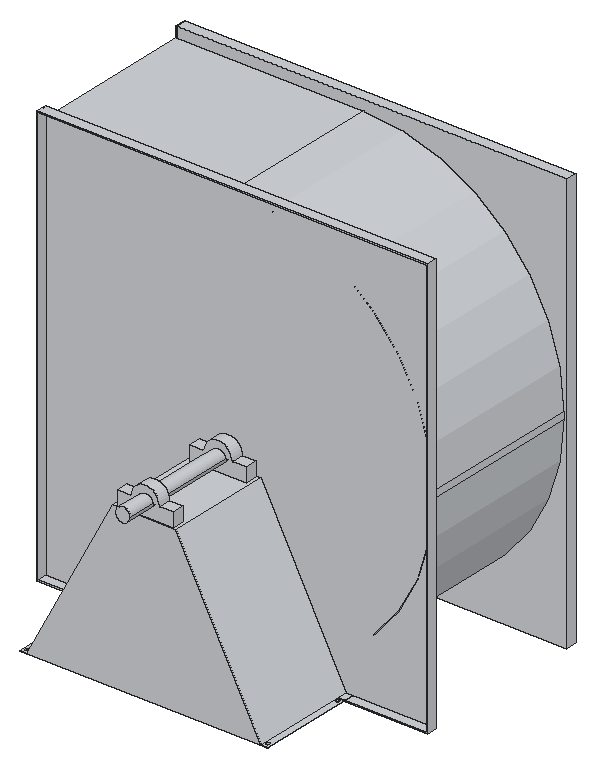
Revit family "CA-4_SWSI_ARR_1_CCW_THD", category Mechanical Equipment, Revit 2019
Family settings
  Round Connector Dimension = Use Radius
  Part Type = Normal
  Work Plane-Based = No
  Always vertical = Yes
  Cut with Voids When Loaded = No
  Shared = No
  Room Calculation Point = No
Parameters (values of type "600_CA-4_SWSI_ARR_1_CCW_THD_CLASS_3")
  S = 32"
  R = 49 5/16"
  P = 24 21/32"
  O/2 = O / 2  # 17/32"
  O = 1 1/16"
  ModelID [instance] = ""
  H = 51 5/8"
  Accessories [instance] = ""
  ARR_1_U-D = ARR_1_U - D  # 34 3/8"
  ARR_1_K-D = ARR_1_K - D  # 27"
  ARR_1_J/2 = ARR_1_J / 2  # 1 31/32"
  ARR_1_J = 3 15/16"
  MOTOR_RAD = ARR_1_J * 3  # 11 13/16"
  M = 66 11/16"
  L = 10"
  K = 56 11/16"
  J = 3"
  INLET_RAD/2 = INLET_RAD / 2  # 16 1/2"
  INLET_RAD+1.5" = INLET_RAD + 1 1/2"  # 34 1/2"
  INLET_RAD = INLET_DIA / 2  # 33"
  INLET_DIA = 66"
  G-H = G - H  # 58"
  G/5 = G / 5  # 21.925"
  G = 109 5/8"
  F = 118"
  Unit Weight [instance] = ""
  Sones [instance] = ""
  Motor RPM [instance] = ""
  Motor Enclosure [instance] = ""
  LwA [instance] = ""
  Fan RPM [instance] = ""
  E-(INLET_RAD+1.5") = E - (INLET_RAD + 1 1/2")  # 15 1/4"
  E+(INLET_RAD+1.5") = E + (INLET_RAD + 1 1/2")  # 84 1/4"
  E = 49 3/4"
  D-((D-B)/2) = D - ((D - B) / 2)  # 48 13/16"
  D = 51 13/16"
  B = 45 13/16"
  ARR_2_L-ARR_2_K = ARR_2_L - ARR_2_K  # 26 7/8"
  ARR_2_L = 34 3/8"
  ARR_2_K = 7 1/2"
  ARR_1_V = 7 1/2"
  ARR_1_U = 86 3/16"
  ARR_1_N = 24 9/16"
  ARR_1_M = 1 1/4"
  ARR_1_K = 78 13/16"
  ARR_1_H = 33 3/4"
  ARR_1_G = 34 3/4"
  A = 65 5/8"
  3" = 3"  # constant formula
  Brake Hp [instance] = ""
  4" = 4"  # constant formula
  2ARR_1_J+1" = ARR_1_J + ARR_1_J + 1"  # 8 7/8"
  2ARR_1_J = ARR_1_J + ARR_1_J  # 7 7/8"
  2' = 24"
  2" = 2"  # constant formula
  1" = 1"  # constant formula
  0 = 0"  # constant formula
  Voltage [instance] = 0 V
  URL = "www.lorencook.com"
  Type Comments = "Airfoil Centrifugal Blower Arrangement 1 Counter-Clockwise Top Horizontal Discharge"  # constant formula
  Static Pressure [instance] = 0.00 in-wg
  Power [instance] = Voltage * Motor FLA * sqrt(if(Phase = 3, 3, 1))  # 0 VA
  Phase [instance] = 0
  Number of Poles [instance] = 1
  Motor Hp [instance] = "0"
  Motor FLA [instance] = 0 A
  Model = "CA-4 SWSI ARR 1 CCW THD CLASS 3"
  Manufacturer = "Loren Cook Company"
  CFM [instance] = 0 CFM
  1.5 = 1 1/2"  # constant formula
  ONE EIGTH = 1/8"  # constant formula
  -ARR_1_J = -ARR_1_J  # -3 15/16"
  -(ARR_2_L - ARR_2_K) = -(ARR_2_L - ARR_2_K)  # -26 7/8"
  -(((K-B)/2)-.125") = -(((K - B) / 2) - 1/8")  # -5 5/16"
  -(((D - B) / 2) - 1/8") = -(((D - B) / 2) - 1/8")  # -2 7/8"
  (R-B)/2 = (R - B) / 2  # 1 3/4"
  ((K-B)/2)+B = ((K - B) / 2) + B  # 51 1/4"
  (D-B)/2 = (D - B) / 2  # 3"
  -(((K-B)/2)+L) = -(((K - B) / 2) + L)  # -15 7/16"
  ((D-B)/2)-.125" = ((D - B) / 2) - 1/8"  # 2 7/8"
Reference planes (in)
  plane 1 "Center (Front/Back)": y = 0
  plane 2: z = 0
  plane 3 "Center (Left/Right)": x = 0.40541
Forms (in)
  Extrusion 1, solid
    sketch origin (0, 0, 0) x (1, 0, 0) y (0, 0, 1)
      loop
        line (-51.21959, 0) -> (58.40541, 0) -> (58.40541, 118) -> (-51.21959, 118) -> (-51.21959, 0)
    from 0 to 3 <- "(D-B)/2"
  Extrusion 2, solid
    sketch origin (0, 0, 0) x (1, 0, 0) y (0, 0, 1)
      loop
        line (-51.21959, 118) -> (-51.21959, 0) -> (58.40541, 0) -> (58.40541, 118) -> (-51.21959, 118)
    from 51.8125 <- "D" to 48.8125 <- "D-((D-B)/2)"
  Extrusion 3, void
    sketch origin (0, 0, 0) x (1, 0, 0) y (0, 0, 1)
      loop
        line (-51.09459, 117.875) -> (-51.09459, 0.125) -> (58.28041, 0.125) -> (58.28041, 117.875) -> (-51.09459, 117.875)
    from 0 to 2.875 <- "((D-B)/2)-.125""
  Extrusion 4, void
    sketch origin (0, -51.8125, 0) x (-1, 0, 0) y (0, 0, 1)
      loop
        line (51.09459, 117.875) -> (-58.28041, 117.875) -> (-58.28041, 0.125) -> (51.09459, 0.125) -> (51.09459, 117.875)
    from 0 to 2.875 <- "((D-B)/2)-.125""
  Extrusion 5, solid
    sketch origin (0, -3, 0) x (1, 0, 0) y (0, 0, 1)
      loop
        line (-43.34459, 49.375) -> (-43.34459, 41.5)
        arc (-43.34459, 41.5) -> (-31.48241, 12.86218) -> (-2.84459, 1) r 40.5
        line (-2.84459, 1) -> (1.40541, 1)
        arc (1.40541, 1) -> (41.00339, 17.40202) -> (57.40541, 57) r 56
        line (57.40541, 57) -> (57.40541, 59)
        arc (57.40541, 59) -> (41.00339, 98.59798) -> (1.40541, 115) r 56
        line (1.40541, 115) -> (-51.21959, 115) -> (-51.21959, 49.375) -> (-43.34459, 49.375)
    from 0 to 45.8125 <- "B"
  Extrusion 6, solid
    sketch origin (0, -51.8125, 0) x (1, 0, 0) y (0, 0, 1)
      loop
        circle (0.40541, 49.75) r 1.96875
    from -2.875 <- "-(((D - B) / 2) - 1/8")" to 34.375 <- "ARR_1_U-D"
  Extrusion 7, void
    sketch origin (0, 0, 0) x (1, 0, 0) y (0, 1, 0)
      loop
        circle (-31.59459, -1.25) r 0.53125
      loop
        circle (32.40541, -1.25) r 0.53125
      loop
        circle (32.40541, -50.5625) r 0.53125
      loop
        circle (-31.59459, -50.5625) r 0.53125
    from -0.25 to 0.25
  Revolve 8, void
    sketch origin (0.40541, 0, 0) x (0, 1, 0) y (0, 0, 1)
      loop
        arc (-2.875, 82.75) -> (-7.70774, 71.08274) -> (-19.375, 66.25) r 16.5
        line (-19.375, 66.25) -> (-19.375, 51.71875) -> (-2.875, 51.71875) -> (-2.875, 82.75)
      axis (-19.375, 49.75) -> (-2.875, 49.75)
    angle from 0 to 360
  Extrusion 9, solid
    sketch origin (0, -51.8125, 0) x (1, 0, 0) y (0, 0, 1)
      loop
        line (-34.34459, 0) -> (35.15541, 0) -> (35.15541, 0.125) -> (33.15541, 0.125) -> (9.28041, 45.8125) -> (-8.46959, 45.8125) -> (-32.34459, 0.125) -> (-34.34459, 0.125) -> (-34.34459, 0)
    from -2.875 <- "-(((D - B) / 2) - 1/8")" to 27 <- "ARR_1_K-D"
  Extrusion 10, solid
    sketch origin (0, -78.8125, 0) x (1, 0, 0) y (0, 0, 1)
      loop
        line (-7.46959, 45.8125) -> (8.28041, 45.8125) -> (8.28041, 49.75) -> (4.34291, 49.75)
        arc (4.34291, 49.75) -> (0.40541, 53.6875) -> (-3.53209, 49.75) r 3.9375
        line (-3.53209, 49.75) -> (-7.46959, 49.75) -> (-7.46959, 45.8125)
      loop
        circle (0.40541, 49.75) r 1.96875
    from -3.9375 <- "-ARR_1_J" to -0.5
  Extrusion 11, solid
    sketch origin (0, -48.8125, 0) x (-1, 0, 0) y (0, 0, 1)
      loop
        line (7.46959, 49.75) -> (3.53209, 49.75)
        arc (3.53209, 49.75) -> (-0.40541, 53.6875) -> (-4.34291, 49.75) r 3.9375
        line (-4.34291, 49.75) -> (-8.28041, 49.75) -> (-8.28041, 45.8125) -> (7.46959, 45.8125) -> (7.46959, 49.75)
      loop
        circle (-0.40541, 49.75) r 1.96875
    from -0.5 to -3.9375 <- "-ARR_1_J"
  Extrusion 12, void
    sketch origin (0, 0, 0) x (1, 0, 0) y (0, 1, 0)
      loop
        circle (34.15541, -53) r 0.53125
      loop
        circle (34.15541, -77.5625) r 0.53125
      loop
        circle (-33.34459, -77.5625) r 0.53125
      loop
        circle (-33.34459, -53) r 0.53125
    from 0.25 to -0.25
Cuts and joins
  Extrusion 3, Extrusion 7, Revolve 8 cuts Extrusion 1
  Extrusion 4, Extrusion 7 cuts Extrusion 2
  Revolve 8 cuts Extrusion 5
  Extrusion 12 cuts Extrusion 9
Dimensions and locks (in)
  "0": Extrusion 1 sketch curve to level
  "F": Extrusion 1 sketch curve to Extrusion 1 sketch curve
  "G-H": Extrusion 1 sketch curve to plane 3 "Center (Left/Right)"
  "G": Extrusion 1 sketch curve to Extrusion 1 sketch curve
  "0": Extrusion 2 sketch curve to level
  "0": Extrusion 1 to Extrusion 2 sketch curve  (x2)
  "0": Extrusion 2 sketch curve to Extrusion 1
  "ONE EIGTH": Extrusion 2 to Extrusion 3 sketch curve  (x2)
  "ONE EIGTH": Extrusion 3 sketch curve to Extrusion 2
  "ONE EIGTH": Extrusion 3 sketch curve to level
  "ONE EIGTH": Extrusion 4 sketch curve to Extrusion 2  (x2)
  "ONE EIGTH": Extrusion 2 to Extrusion 4 sketch curve
  "ONE EIGTH": Extrusion 4 sketch curve to level
  "J": cut or joined group of Extrusion 2, Extrusion 4, Extrusion 7 to Extrusion 5 sketch curve
  "1"": Extrusion 5 sketch curve to level
  "A": Extrusion 5 sketch curve to Extrusion 5 sketch curve
  "E": Extrusion 6 sketch curve to level
  "0": Extrusion 6 sketch curve to plane 3 "Center (Left/Right)"
  "S": Extrusion 7 sketch curve to plane 3 "Center (Left/Right)"  (x2)
  "S": plane 3 "Center (Left/Right)" to Extrusion 7 sketch curve  (x2)
  "(R-B)/2": cut or joined group of Extrusion 1, Extrusion 3, Extrusion 7, Revolve 8 to Extrusion 7 sketch curve  (x2)
  "(R-B)/2": cut or joined group of Extrusion 2, Extrusion 4, Extrusion 7 to Extrusion 7 sketch curve  (x2)
  "E": Revolve 8 sketch curve to level
  "ARR_1_J/2": Revolve 8 sketch curve to Revolve 8 sketch curve
  "INLET_RAD/2": Revolve 8 sketch curve to Revolve 8 sketch curve  (x2)
  "INLET_RAD": Revolve 8 sketch curve to Revolve 8 sketch curve
  "0": Revolve 8 sketch curve to cut or joined group of Extrusion 1, Extrusion 3, Extrusion 7, Revolve 8
  "ARR_1_G": Extrusion 9 sketch curve to plane 3 "Center (Left/Right)"
  "ARR_1_G": plane 3 "Center (Left/Right)" to Extrusion 9 sketch curve
  "2ARR_1_J+1"": Extrusion 9 sketch curve to plane 3 "Center (Left/Right)"
  "2ARR_1_J+1"": plane 3 "Center (Left/Right)" to Extrusion 9 sketch curve
  "2"": Extrusion 9 sketch curve to Extrusion 9 sketch curve  (x2)
  "0": Extrusion 9 sketch curve to level
  "ONE EIGTH": Extrusion 9 sketch curve to Extrusion 9 sketch curve  (x2)
  "ARR_1_J/2": Extrusion 6 to Extrusion 9 sketch curve
  "2ARR_1_J": Extrusion 10 sketch curve to plane 3 "Center (Left/Right)"
  "2ARR_1_J": plane 3 "Center (Left/Right)" to Extrusion 10 sketch curve
  "0": Extrusion 10 sketch curve to Extrusion 9
  "ARR_1_J": Extrusion 10 sketch curve to Extrusion 10 sketch curve
  "0": Extrusion 10 sketch curve to plane 3 "Center (Left/Right)"
  "0": plane 3 "Center (Left/Right)" to Extrusion 10 sketch curve
  "0": Extrusion 10 sketch curve to Extrusion 10 sketch curve
  "0": Extrusion 11 sketch curve to Extrusion 9
  "ARR_1_J": Extrusion 11 sketch curve to Extrusion 11 sketch curve  (x2)
  "0": Extrusion 11 sketch curve to Extrusion 11 sketch curve
  "2ARR_1_J": plane 3 "Center (Left/Right)" to Extrusion 11 sketch curve
  "2ARR_1_J": Extrusion 11 sketch curve to plane 3 "Center (Left/Right)"
  "0": Extrusion 11 sketch curve to plane 3 "Center (Left/Right)"
  "0": plane 3 "Center (Left/Right)" to Extrusion 11 sketch curve
  "0": Extrusion 11 sketch curve to Extrusion 10
  "ARR_1_H": plane 3 "Center (Left/Right)" to Extrusion 12 sketch curve  (x2)
  "ARR_1_H": Extrusion 12 sketch curve to plane 3 "Center (Left/Right)"  (x2)
  "ARR_1_M": Extrusion 9 to Extrusion 12 sketch curve  (x2)
  "ARR_1_N": Extrusion 12 sketch curve to Extrusion 12 sketch curve  (x2)
  "2ARR_1_J": Extrusion 5 sketch curve to Extrusion 5 sketch curve  (x2)
  "1"": Extrusion 5 sketch curve to cut or joined group of Extrusion 2, Extrusion 4, Extrusion 7
  "0": Extrusion 5 sketch curve to cut or joined group of Extrusion 2, Extrusion 4, Extrusion 7
  "1"": Extrusion 5 sketch curve to plane 3 "Center (Left/Right)"  (x2)
  "ARR_1_J/2": radius of Extrusion 6 sketch curve
  "O/2": radius of Extrusion 7 sketch curve  (x4)
  "ARR_1_J": radius of Extrusion 10 sketch curve
  "ARR_1_J/2": radius of Extrusion 10 sketch curve
  "ARR_1_J": radius of Extrusion 11 sketch curve
  "ARR_1_J/2": radius of Extrusion 11 sketch curve
  "O/2": radius of Extrusion 12 sketch curve  (x4)
Automatic sketch dimensions
  Revolve 8 sketch curve to Revolve 8 sketch curve = 53.38466"
  Revolve 8 sketch curve to plane 1 "Center (Front/Back)" = 17.32447"
Connectors (in)
  hvac at (-51.21959, -25.90625, 82.1875), driven by "CFM", driven by "A", driven by "B"
    settings: on cut or joined group of Extrusion 5, Revolve 8, index 1, duct flow 0 CFM, flow factor 0, pres drop 0.00 in-wg, loss coef 0, conn angle 0.00°, conn width 45 13/16", conn height 65 5/8", conn diameter 24", duct sys type 29, conn prof type 1, flow config 0, flow direction 2, loss method 0, conn ref index -1, conn util no, is conn primary yes, conn desc ""
  hvac at (0.40541, -3, 49.75), driven by "CFM", driven by "INLET_RAD"
    settings: on cut or joined group of Extrusion 1, Extrusion 3, Extrusion 7, Revolve 8, index 2, duct flow 0 CFM, flow factor 0, pres drop 0.00 in-wg, loss coef 0, conn angle 0.00°, conn width 12", conn height 12", conn diameter 66", duct sys type 29, conn prof type 0, flow config 0, flow direction 1, loss method 0, conn ref index -1, conn util no, is conn primary no, conn desc ""
Types (55): name | S | R | P | O/2 | O | H | ARR_1_U-D | ARR_1_K-D | ARR_1_J/2 | ARR_1_J | MOTOR_RAD | M | L | K | J | INLET_RAD/2 | INLET_RAD+1.5" | INLET_RAD | INLET_DIA | G-H | G/5 | G | F | E-(INLET_RAD+1.5") | E+(INLET_RAD+1.5") | E | D-((D-B)/2) | D | B | ARR_2_L-ARR_2_K | ARR_2_L | ARR_2_K | ARR_1_V | ARR_1_U | ARR_1_N | ARR_1_M | ARR_1_K | ARR_1_H | ARR_1_G | A | 2ARR_1_J+1" | 2ARR_1_J | Model | -ARR_1_J | -(ARR_2_L - ARR_2_K) | -(((K-B)/2)-.125") | -(((D - B) / 2) - 1/8") | (R-B)/2 | ((K-B)/2)+B | (D-B)/2 | -(((K-B)/2)+L) | ((D-B)/2)-.125"
  (no name) | 32" | 49 5/16" | 24 21/32" | 17/32" | 1 1/16" | 51 5/8" | 34 3/8" | 27" | 1 31/32" | 3 15/16" | 11 13/16" | 66 11/16" | 10" | 56 11/16" | 3" | 16 1/2" | 34 1/2" | 33" | 66" | 58" | 21.925" | 109 5/8" | 118" | 15 1/4" | 84 1/4" | 49 3/4" | 48 13/16" | 51 13/16" | 45 13/16" | 26 7/8" | 34 3/8" | 7 1/2" | 7 1/2" | 86 3/16" | 24 9/16" | 1 1/4" | 78 13/16" | 33 3/4" | 34 3/4" | 65 5/8" | 8 7/8" | 7 7/8" | "CA-4 SWSI ARR 1 CCW THD CLASS 3" | -3 15/16" | -26 7/8" | -5 5/16" | -2 7/8" | 1 3/4" | 51 1/4" | 3" | -15 7/16" | 2 7/8"
  120_CA-4_SWSI_ARR_1_CCW_THD_CLASS_1 | 7 1/2" | 11 7/16" | 5 23/32" | 11/32" | 11/16" | 10 3/8" | 21 5/8" | 17 5/8" | 19/32" | 1 3/16" | 3 9/16" | 18 7/8" | 3" | 15 7/8" | 2" | 4 1/16" | 9 5/8" | 8 1/8" | 16 1/4" | 12 3/8" | 4.55" | 22 3/4" | 25 3/4" | 1 1/8" | 20 3/8" | 10 3/4" | 11 3/16" | 13 3/16" | 9 3/16" | 17 5/8" | 21 5/8" | 4" | 4" | 34 13/16" | 15 1/8" | 1" | 30 13/16" | 8 7/16" | 9 3/16" | 13 1/8" | 3 3/8" | 2 3/8" | "CA-4 SWSI ARR 1 CCW THD CLASS 1" | -1 3/16" | -17 5/8" | -3 7/32" | -1 7/8" | 1 1/8" | 12 17/32" | 2" | -6 11/32" | 1 7/8"
  135_CA-4_SWSI_ARR_1_CCW_THD_CLASS_1 | 8 1/2" | 12 9/16" | 6 9/32" | 11/32" | 11/16" | 11 5/8" | 21 5/8" | 17 5/8" | 19/32" | 1 3/16" | 3 9/16" | 20" | 3" | 17" | 2" | 4 7/16" | 10 3/8" | 8 7/8" | 17 3/4" | 13 7/8" | 5.1" | 25 1/2" | 28 3/4" | 1 5/8" | 22 3/8" | 12" | 12 5/16" | 14 5/16" | 10 5/16" | 17 5/8" | 21 5/8" | 4" | 4" | 35 15/16" | 15 1/8" | 1" | 31 15/16" | 9 3/16" | 9 15/16" | 14 3/4" | 3 3/8" | 2 3/8" | "CA-4 SWSI ARR 1 CCW THD CLASS 1" | -1 3/16" | -17 5/8" | -3 7/32" | -1 7/8" | 1 1/8" | 13 21/32" | 2" | -6 11/32" | 1 7/8"
  150_CA-4_SWSI_ARR_1_CCW_THD_CLASS_1 | 9" | 13 11/16" | 6 27/32" | 11/32" | 11/16" | 12 7/8" | 21 5/8" | 17 5/8" | 19/32" | 1 3/16" | 3 9/16" | 21 1/8" | 3" | 18 1/8" | 2" | 4 13/16" | 11 1/8" | 9 5/8" | 19 1/4" | 15 1/4" | 5 5/8" | 28 1/8" | 31 5/8" | 2 1/8" | 24 3/8" | 13 1/4" | 13 7/16" | 15 7/16" | 11 7/16" | 17 5/8" | 21 5/8" | 4" | 4" | 37 1/16" | 15 1/8" | 1" | 33 1/16" | 9 15/16" | 10 11/16" | 16 7/16" | 3 3/8" | 2 3/8" | "CA-4 SWSI ARR 1 CCW THD CLASS 1" | -1 3/16" | -17 5/8" | -3 7/32" | -1 7/8" | 1 1/8" | 14 25/32" | 2" | -6 11/32" | 1 7/8"
  165_CA-4_SWSI_ARR_1_CCW_THD_CLASS_1 | 10" | 14 7/8" | 7 7/16" | 11/32" | 11/16" | 14 1/4" | 21 5/8" | 17 5/8" | 19/32" | 1 3/16" | 3 9/16" | 23 15/16" | 4" | 19 5/16" | 2" | 5 5/16" | 12 1/8" | 10 5/8" | 21 1/4" | 16 5/8" | 6.175" | 30 7/8" | 34 3/8" | 2 1/4" | 26 1/2" | 14 3/8" | 14 5/8" | 16 5/8" | 12 5/8" | 17 5/8" | 21 5/8" | 4" | 4" | 38 1/4" | 15 1/8" | 1" | 34 1/4" | 10 15/16" | 11 11/16" | 18 1/16" | 3 3/8" | 2 3/8" | "CA-4 SWSI ARR 1 CCW THD CLASS 1" | -1 3/16" | -17 5/8" | -3 7/32" | -1 7/8" | 1 1/8" | 15 31/32" | 2" | -7 11/32" | 1 7/8"
  180_CA-4_SWSI_ARR_1_CCW_THD_CLASS_1 | 11" | 16" | 8" | 11/32" | 11/16" | 15 1/2" | 24 3/8" | 20 1/8" | 19/32" | 1 3/16" | 3 9/16" | 24 15/16" | 4 1/2" | 20 7/16" | 2" | 5 11/16" | 12 7/8" | 11 3/8" | 22 3/4" | 18 1/8" | 6.725" | 33 5/8" | 37 1/8" | 2 3/4" | 28 1/2" | 15 5/8" | 15 3/4" | 17 3/4" | 13 3/4" | 20 1/8" | 24 3/8" | 4 1/4" | 4 1/4" | 42 1/8" | 17 5/8" | 1" | 37 7/8" | 11 11/16" | 12 7/16" | 19 11/16" | 3 3/8" | 2 3/8" | "CA-4 SWSI ARR 1 CCW THD CLASS 1" | -1 3/16" | -20 1/8" | -3 7/32" | -1 7/8" | 1 1/8" | 17 3/32" | 2" | -7 27/32" | 1 7/8"
  195_CA-4_SWSI_ARR_1_CCW_THD_CLASS_1 | 11 1/2" | 17 3/16" | 8 19/32" | 11/32" | 11/16" | 16 3/4" | 24 3/8" | 20 1/8" | 19/32" | 1 3/16" | 3 9/16" | 27 3/16" | 4 1/2" | 22 11/16" | 2" | 6 1/16" | 13 5/8" | 12 1/8" | 24 1/4" | 19 1/2" | 7 1/4" | 36 1/4" | 40" | 3 1/8" | 30 3/8" | 16 3/4" | 16 15/16" | 18 15/16" | 14 15/16" | 20 1/8" | 24 3/8" | 4 1/4" | 4 1/4" | 43 5/16" | 17 5/8" | 1" | 39 1/16" | 12 7/16" | 13 3/16" | 21 5/16" | 3 3/8" | 2 3/8" | "CA-4 SWSI ARR 1 CCW THD CLASS 1" | -1 3/16" | -20 1/8" | -3 3/4" | -1 7/8" | 1 1/8" | 18 13/16" | 2" | -8 3/8" | 1 7/8"
  210_CA-4_SWSI_ARR_1_CCW_THD_CLASS_1 | 12" | 18 5/16" | 9 5/32" | 13/32" | 13/16" | 18 1/8" | 26 3/8" | 22 1/8" | 23/32" | 1 7/16" | 4 5/16" | 28 13/16" | 5" | 23 13/16" | 2" | 6 1/2" | 14 1/2" | 13" | 26" | 21" | 7.825" | 39 1/8" | 42 7/8" | 3 1/2" | 32 1/2" | 18" | 18 1/16" | 20 1/16" | 16 1/16" | 23 1/8" | 27 3/8" | 4 1/4" | 4 1/4" | 46 7/16" | 19 9/16" | 1" | 42 3/16" | 13 5/16" | 14 1/16" | 23" | 3 7/8" | 2 7/8" | "CA-4 SWSI ARR 1 CCW THD CLASS 1" | -1 7/16" | -23 1/8" | -3 3/4" | -1 7/8" | 1 1/8" | 19 15/16" | 2" | -8 7/8" | 1 7/8"
  225_CA-4_SWSI_ARR_1_CCW_THD_CLASS_1 | 12 1/2" | 19 7/16" | 9 23/32" | 13/32" | 13/16" | 19 3/8" | 26 3/8" | 22 1/8" | 23/32" | 1 7/16" | 4 5/16" | 29 15/16" | 5" | 24 15/16" | 2" | 6 7/8" | 15 1/4" | 13 3/4" | 27 1/2" | 22 3/8" | 8.35" | 41 3/4" | 45 3/4" | 4" | 34 1/2" | 19 1/4" | 19 3/16" | 21 3/16" | 17 3/16" | 23 1/8" | 27 3/8" | 4 1/4" | 4 1/4" | 47 9/16" | 19 9/16" | 1" | 43 5/16" | 14 1/16" | 14 13/16" | 24 5/8" | 3 7/8" | 2 7/8" | "CA-4 SWSI ARR 1 CCW THD CLASS 1" | -1 7/16" | -23 1/8" | -3 3/4" | -1 7/8" | 1 1/8" | 21 1/16" | 2" | -8 7/8" | 1 7/8"
  245_CA-4_SWSI_ARR_1_CCW_THD_CLASS_1 | 13 1/2" | 21" | 10 1/2" | 13/32" | 13/16" | 21 1/8" | 27 13/16" | 22 5/8" | 27/32" | 1 11/16" | 5 1/16" | 32" | 5 1/2" | 26 1/2" | 2" | 7 3/8" | 16 1/4" | 14 3/4" | 29 1/2" | 24 1/4" | 9.075" | 45 3/8" | 49 1/2" | 4 5/8" | 37 1/8" | 20 7/8" | 20 3/4" | 22 3/4" | 18 3/4" | 22 9/16" | 27 13/16" | 5 1/4" | 5 1/4" | 50 9/16" | 20 1/8" | 1" | 45 3/8" | 15 1/16" | 15 13/16" | 26 13/16" | 4 3/8" | 3 3/8" | "CA-4 SWSI ARR 1 CCW THD CLASS 1" | -1 11/16" | -22 9/16" | -3 3/4" | -1 7/8" | 1 1/8" | 22 5/8" | 2" | -9 3/8" | 1 7/8"
  270_CA-4_SWSI_ARR_1_CCW_THD_CLASS_1 | 15" | 22 7/8" | 11 7/16" | 13/32" | 13/16" | 23 1/4" | 27 13/16" | 22 5/8" | 27/32" | 1 11/16" | 5 1/16" | 34 3/8" | 6" | 28 3/8" | 2" | 8" | 17 1/2" | 16" | 32" | 26 5/8" | 9.975" | 49 7/8" | 54 3/4" | 5 7/8" | 40 7/8" | 23 3/8" | 22 5/8" | 24 5/8" | 20 5/8" | 22 9/16" | 27 13/16" | 5 1/4" | 5 1/4" | 52 7/16" | 20 1/8" | 1" | 47 1/4" | 16 7/16" | 17 3/16" | 29 9/16" | 4 3/8" | 3 3/8" | "CA-4 SWSI ARR 1 CCW THD CLASS 1" | -1 11/16" | -22 9/16" | -3 3/4" | -1 7/8" | 1 1/8" | 24 1/2" | 2" | -9 7/8" | 1 7/8"
  300_CA-4_SWSI_ARR_1_CCW_THD_CLASS_1 | 16 1/2" | 25 3/16" | 12 19/32" | 13/32" | 13/16" | 25 7/8" | 30 3/4" | 24 7/8" | 31/32" | 1 15/16" | 5 13/16" | 37 3/16" | 6 1/2" | 30 11/16" | 2" | 8 3/4" | 19" | 17 1/2" | 35" | 29 1/2" | 11.075" | 55 3/8" | 60" | 6 3/8" | 44 3/8" | 25 3/8" | 24 15/16" | 26 15/16" | 22 15/16" | 24 7/8" | 30 3/4" | 5 7/8" | 5 7/8" | 57 11/16" | 22 3/8" | 1" | 51 13/16" | 17 15/16" | 18 11/16" | 32 13/16" | 4 7/8" | 3 7/8" | "CA-4 SWSI ARR 1 CCW THD CLASS 1" | -1 15/16" | -24 7/8" | -3 3/4" | -1 7/8" | 1 1/8" | 26 13/16" | 2" | -10 3/8" | 1 7/8"
  330_CA-4_SWSI_ARR_1_CCW_THD_CLASS_1 | 18" | 27 1/2" | 13 3/4" | 13/32" | 13/16" | 28 3/8" | 30 3/4" | 24 7/8" | 31/32" | 1 15/16" | 5 13/16" | 40" | 7" | 33" | 2" | 9 1/2" | 20 1/2" | 19" | 38" | 32 3/8" | 12.15" | 60 3/4" | 65 3/4" | 7 3/8" | 48 3/8" | 27 7/8" | 27 1/4" | 29 1/4" | 25 1/4" | 24 7/8" | 30 3/4" | 5 7/8" | 5 7/8" | 60" | 22 3/8" | 1" | 54 1/8" | 19 7/16" | 20 3/16" | 36 1/8" | 4 7/8" | 3 7/8" | "CA-4 SWSI ARR 1 CCW THD CLASS 1" | -1 15/16" | -24 7/8" | -3 3/4" | -1 7/8" | 1 1/8" | 29 1/8" | 2" | -10 7/8" | 1 7/8"
  365_CA-4_SWSI_ARR_1_CCW_THD_CLASS_1 | 20" | 30 1/8" | 15 1/16" | 13/32" | 13/16" | 31 3/8" | 33" | 27 1/8" | 1 3/32" | 2 3/16" | 6 9/16" | 43 1/8" | 7 1/2" | 35 5/8" | 2" | 10 3/8" | 22 1/4" | 20 3/4" | 41 1/2" | 35 5/8" | 13.4" | 67" | 72 3/8" | 8 3/8" | 52 7/8" | 30 5/8" | 29 7/8" | 31 7/8" | 27 7/8" | 27 1/8" | 33" | 5 7/8" | 5 7/8" | 64 7/8" | 24 5/8" | 1" | 59" | 21 11/16" | 22 7/16" | 39 15/16" | 5 3/8" | 4 3/8" | "CA-4 SWSI ARR 1 CCW THD CLASS 1" | -2 3/16" | -27 1/8" | -3 3/4" | -1 7/8" | 1 1/8" | 31 3/4" | 2" | -11 3/8" | 1 7/8"
  402_CA-4_SWSI_ARR_1_CCW_THD_CLASS_1 | 22" | 34 1/4" | 17 1/8" | 17/32" | 1 1/16" | 34 5/8" | 31 5/16" | 26 3/16" | 1 3/32" | 2 3/16" | 6 9/16" | 46 5/8" | 8" | 38 5/8" | 3" | 11 5/16" | 24 1/8" | 22 5/8" | 45 1/4" | 39 1/4" | 14.775" | 73 7/8" | 80 3/8" | 9 1/2" | 57 3/4" | 33 5/8" | 33 3/4" | 36 3/4" | 30 3/4" | 25 7/16" | 31 5/16" | 5 7/8" | 5 7/8" | 68 1/16" | 23 13/16" | 1 1/4" | 62 15/16" | 22 3/8" | 24 3/8" | 44 1/16" | 5 3/8" | 4 3/8" | "CA-4 SWSI ARR 1 CCW THD CLASS 1" | -2 3/16" | -25 7/16" | -3 13/16" | -2 7/8" | 1 3/4" | 34 11/16" | 3" | -11 15/16" | 2 7/8"
  445_CA-4_SWSI_ARR_1_CCW_THD_CLASS_1 | 24" | 37 1/2" | 18 3/4" | 17/32" | 1 1/16" | 38 1/4" | 33 1/16" | 26 15/16" | 1 7/32" | 2 7/16" | 7 5/16" | 50 3/8" | 8 1/2" | 41 7/8" | 3" | 12 3/8" | 26 1/4" | 24 3/4" | 49 1/2" | 43 1/4" | 16.3" | 81 1/2" | 88 1/2" | 10 7/8" | 63 3/8" | 37 1/8" | 37" | 40" | 34" | 26 11/16" | 33 1/16" | 6 3/8" | 6 3/8" | 73 1/16" | 24 9/16" | 1 1/4" | 66 15/16" | 25 1/2" | 26 1/2" | 48 11/16" | 5 7/8" | 4 7/8" | "CA-4 SWSI ARR 1 CCW THD CLASS 1" | -2 7/16" | -26 11/16" | -3 13/16" | -2 7/8" | 1 3/4" | 37 15/16" | 3" | -12 7/16" | 2 7/8"
  490_CA-4_SWSI_ARR_1_CCW_THD_CLASS_1 | 26 1/2" | 40 15/16" | 20 15/32" | 17/32" | 1 1/16" | 42 1/4" | 33 1/16" | 26 15/16" | 1 7/32" | 2 7/16" | 7 5/16" | 55 5/16" | 9" | 46 5/16" | 3" | 13 3/4" | 29" | 27 1/2" | 55" | 47 1/2" | 17.95" | 89 3/4" | 97" | 11 3/4" | 69 3/4" | 40 3/4" | 40 7/16" | 43 7/16" | 37 7/16" | 26 11/16" | 33 1/16" | 6 3/8" | 6 3/8" | 76 1/2" | 24 9/16" | 1 1/4" | 70 3/8" | 28 1/4" | 29 1/4" | 53 5/8" | 5 7/8" | 4 7/8" | "CA-4 SWSI ARR 1 CCW THD CLASS 1" | -2 7/16" | -26 11/16" | -4 5/16" | -2 7/8" | 1 3/4" | 41 7/8" | 3" | -13 7/16" | 2 7/8"
  540_CA-4_SWSI_ARR_1_CCW_THD_CLASS_1 | 29" | 44 3/4" | 22 3/8" | 17/32" | 1 1/16" | 46 1/2" | 34 3/8" | 27" | 1 15/32" | 2 15/16" | 8 13/16" | 61 5/8" | 9 1/2" | 52 1/8" | 3" | 15" | 31 1/2" | 30" | 60" | 52 1/4" | 19 3/4" | 98 3/4" | 106 5/8" | 13 3/8" | 76 3/8" | 44 7/8" | 44 1/4" | 47 1/4" | 41 1/4" | 26 7/8" | 34 3/8" | 7 1/2" | 7 1/2" | 81 5/8" | 24 9/16" | 1 1/4" | 74 1/4" | 30 3/4" | 31 3/4" | 59 1/16" | 6 7/8" | 5 7/8" | "CA-4 SWSI ARR 1 CCW THD CLASS 1" | -2 15/16" | -26 7/8" | -5 5/16" | -2 7/8" | 1 3/4" | 46 11/16" | 3" | -14 15/16" | 2 7/8"
  600_CA-4_SWSI_ARR_1_CCW_THD_CLASS_1 | 32" | 49 5/16" | 24 21/32" | 17/32" | 1 1/16" | 51 5/8" | 34 3/8" | 27" | 1 15/32" | 2 15/16" | 8 13/16" | 66 11/16" | 10" | 56 11/16" | 3" | 16 1/2" | 34 1/2" | 33" | 66" | 58" | 21.925" | 109 5/8" | 118" | 15 1/4" | 84 1/4" | 49 3/4" | 48 13/16" | 51 13/16" | 45 13/16" | 26 7/8" | 34 3/8" | 7 1/2" | 7 1/2" | 86 3/16" | 24 9/16" | 1 1/4" | 78 13/16" | 33 3/4" | 34 3/4" | 65 5/8" | 6 7/8" | 5 7/8" | "CA-4 SWSI ARR 1 CCW THD CLASS 1" | -2 15/16" | -26 7/8" | -5 5/16" | -2 7/8" | 1 3/4" | 51 1/4" | 3" | -15 7/16" | 2 7/8"
  120_CA-4_SWSI_ARR_1_CCW_THD_CLASS_2 | 7 1/2" | 11 7/16" | 5 23/32" | 11/32" | 11/16" | 10 3/8" | 21 5/8" | 17 5/8" | 23/32" | 1 7/16" | 4 5/16" | 18 7/8" | 3" | 15 7/8" | 2" | 4 1/16" | 9 5/8" | 8 1/8" | 16 1/4" | 12 3/8" | 4.55" | 22 3/4" | 25 3/4" | 1 1/8" | 20 3/8" | 10 3/4" | 11 3/16" | 13 3/16" | 9 3/16" | 17 5/8" | 21 5/8" | 4" | 4" | 34 13/16" | 15 1/8" | 1" | 30 13/16" | 8 7/16" | 9 3/16" | 13 1/8" | 3 7/8" | 2 7/8" | "CA-4 SWSI ARR 1 CCW THD CLASS 2" | -1 7/16" | -17 5/8" | -3 7/32" | -1 7/8" | 1 1/8" | 12 17/32" | 2" | -6 11/32" | 1 7/8"
  120_CA-4_SWSI_ARR_1_CCW_THD_CLASS_3 | 7 1/2" | 11 7/16" | 5 23/32" | 11/32" | 11/16" | 10 3/8" | 21 5/8" | 17 5/8" | 23/32" | 1 7/16" | 4 5/16" | 18 7/8" | 3" | 15 7/8" | 2" | 4 1/16" | 9 5/8" | 8 1/8" | 16 1/4" | 12 3/8" | 4.55" | 22 3/4" | 25 3/4" | 1 1/8" | 20 3/8" | 10 3/4" | 11 3/16" | 13 3/16" | 9 3/16" | 17 5/8" | 21 5/8" | 4" | 4" | 34 13/16" | 15 1/8" | 1" | 30 13/16" | 8 7/16" | 9 3/16" | 13 1/8" | 3 7/8" | 2 7/8" | "CA-4 SWSI ARR 1 CCW THD CLASS 3" | -1 7/16" | -17 5/8" | -3 7/32" | -1 7/8" | 1 1/8" | 12 17/32" | 2" | -6 11/32" | 1 7/8"
  135_CA-4_SWSI_ARR_1_CCW_THD_CLASS_2 | 8 1/2" | 12 9/16" | 6 9/32" | 11/32" | 11/16" | 11 5/8" | 21 5/8" | 17 5/8" | 23/32" | 1 7/16" | 4 5/16" | 20" | 3" | 17" | 2" | 4 7/16" | 10 3/8" | 8 7/8" | 17 3/4" | 13 7/8" | 5.1" | 25 1/2" | 28 3/4" | 1 5/8" | 22 3/8" | 12" | 12 5/16" | 14 5/16" | 10 5/16" | 17 5/8" | 21 5/8" | 4" | 4" | 35 15/16" | 15 1/8" | 1" | 31 15/16" | 9 3/16" | 9 15/16" | 14 3/4" | 3 7/8" | 2 7/8" | "CA-4 SWSI ARR 1 CCW THD CLASS 2" | -1 7/16" | -17 5/8" | -3 7/32" | -1 7/8" | 1 1/8" | 13 21/32" | 2" | -6 11/32" | 1 7/8"
  135_CA-4_SWSI_ARR_1_CCW_THD_CLASS_3 | 8 1/2" | 12 9/16" | 6 9/32" | 11/32" | 11/16" | 11 5/8" | 21 5/8" | 17 5/8" | 23/32" | 1 7/16" | 4 5/16" | 20" | 3" | 17" | 2" | 4 7/16" | 10 3/8" | 8 7/8" | 17 3/4" | 13 7/8" | 5.1" | 25 1/2" | 28 3/4" | 1 5/8" | 22 3/8" | 12" | 12 5/16" | 14 5/16" | 10 5/16" | 17 5/8" | 21 5/8" | 4" | 4" | 35 15/16" | 15 1/8" | 1" | 31 15/16" | 9 3/16" | 9 15/16" | 14 3/4" | 3 7/8" | 2 7/8" | "CA-4 SWSI ARR 1 CCW THD CLASS 3" | -1 7/16" | -17 5/8" | -3 7/32" | -1 7/8" | 1 1/8" | 13 21/32" | 2" | -6 11/32" | 1 7/8"
  150_CA-4_SWSI_ARR_1_CCW_THD_CLASS_2 | 9" | 13 11/16" | 6 27/32" | 11/32" | 11/16" | 12 7/8" | 21 5/8" | 17 5/8" | 23/32" | 1 7/16" | 4 5/16" | 21 1/8" | 3" | 18 1/8" | 2" | 4 13/16" | 11 1/8" | 9 5/8" | 19 1/4" | 15 1/4" | 5 5/8" | 28 1/8" | 31 5/8" | 2 1/8" | 24 3/8" | 13 1/4" | 13 7/16" | 15 7/16" | 11 7/16" | 17 5/8" | 21 5/8" | 4" | 4" | 37 1/16" | 15 1/8" | 1" | 33 1/16" | 9 15/16" | 10 11/16" | 16 7/16" | 3 7/8" | 2 7/8" | "CA-4 SWSI ARR 1 CCW THD CLASS 2" | -1 7/16" | -17 5/8" | -3 7/32" | -1 7/8" | 1 1/8" | 14 25/32" | 2" | -6 11/32" | 1 7/8"
  150_CA-4_SWSI_ARR_1_CCW_THD_CLASS_3 | 9" | 13 11/16" | 6 27/32" | 11/32" | 11/16" | 12 7/8" | 21 5/8" | 17 5/8" | 23/32" | 1 7/16" | 4 5/16" | 21 1/8" | 3" | 18 1/8" | 2" | 4 13/16" | 11 1/8" | 9 5/8" | 19 1/4" | 15 1/4" | 5 5/8" | 28 1/8" | 31 5/8" | 2 1/8" | 24 3/8" | 13 1/4" | 13 7/16" | 15 7/16" | 11 7/16" | 17 5/8" | 21 5/8" | 4" | 4" | 37 1/16" | 15 1/8" | 1" | 33 1/16" | 9 15/16" | 10 11/16" | 16 7/16" | 3 7/8" | 2 7/8" | "CA-4 SWSI ARR 1 CCW THD CLASS 3" | -1 7/16" | -17 5/8" | -3 7/32" | -1 7/8" | 1 1/8" | 14 25/32" | 2" | -6 11/32" | 1 7/8"
  165_CA-4_SWSI_ARR_1_CCW_THD_CLASS_2 | 10" | 14 7/8" | 7 7/16" | 11/32" | 11/16" | 14 1/4" | 21 5/8" | 17 5/8" | 23/32" | 1 7/16" | 4 5/16" | 23 15/16" | 4" | 19 5/16" | 2" | 5 5/16" | 12 1/8" | 10 5/8" | 21 1/4" | 16 5/8" | 6.175" | 30 7/8" | 34 3/8" | 2 1/4" | 26 1/2" | 14 3/8" | 14 5/8" | 16 5/8" | 12 5/8" | 17 5/8" | 21 5/8" | 4" | 4" | 38 1/4" | 15 1/8" | 1" | 34 1/4" | 10 15/16" | 11 11/16" | 18 1/16" | 3 7/8" | 2 7/8" | "CA-4 SWSI ARR 1 CCW THD CLASS 2" | -1 7/16" | -17 5/8" | -3 7/32" | -1 7/8" | 1 1/8" | 15 31/32" | 2" | -7 11/32" | 1 7/8"
  165_CA-4_SWSI_ARR_1_CCW_THD_CLASS_3 | 10" | 14 7/8" | 7 7/16" | 11/32" | 11/16" | 14 1/4" | 21 5/8" | 17 5/8" | 23/32" | 1 7/16" | 4 5/16" | 23 15/16" | 4" | 19 5/16" | 2" | 5 5/16" | 12 1/8" | 10 5/8" | 21 1/4" | 16 5/8" | 6.175" | 30 7/8" | 34 3/8" | 2 1/4" | 26 1/2" | 14 3/8" | 14 5/8" | 16 5/8" | 12 5/8" | 17 5/8" | 21 5/8" | 4" | 4" | 38 1/4" | 15 1/8" | 1" | 34 1/4" | 10 15/16" | 11 11/16" | 18 1/16" | 3 7/8" | 2 7/8" | "CA-4 SWSI ARR 1 CCW THD CLASS 3" | -1 7/16" | -17 5/8" | -3 7/32" | -1 7/8" | 1 1/8" | 15 31/32" | 2" | -7 11/32" | 1 7/8"
  180_CA-4_SWSI_ARR_1_CCW_THD_CLASS_2 | 11" | 16" | 8" | 11/32" | 11/16" | 15 1/2" | 24 3/8" | 20 1/8" | 23/32" | 1 7/16" | 4 5/16" | 24 15/16" | 4 1/2" | 20 7/16" | 2" | 5 11/16" | 12 7/8" | 11 3/8" | 22 3/4" | 18 1/8" | 6.725" | 33 5/8" | 37 1/8" | 2 3/4" | 28 1/2" | 15 5/8" | 15 3/4" | 17 3/4" | 13 3/4" | 20 1/8" | 24 3/8" | 4 1/4" | 4 1/4" | 42 1/8" | 17 5/8" | 1" | 37 7/8" | 11 11/16" | 12 7/16" | 19 11/16" | 3 7/8" | 2 7/8" | "CA-4 SWSI ARR 1 CCW THD CLASS 2" | -1 7/16" | -20 1/8" | -3 7/32" | -1 7/8" | 1 1/8" | 17 3/32" | 2" | -7 27/32" | 1 7/8"
  180_CA-4_SWSI_ARR_1_CCW_THD_CLASS_3 | 11" | 16" | 8" | 11/32" | 11/16" | 15 1/2" | 24 3/8" | 20 1/8" | 27/32" | 1 11/16" | 5 1/16" | 24 15/16" | 4 1/2" | 20 7/16" | 2" | 5 11/16" | 12 7/8" | 11 3/8" | 22 3/4" | 18 1/8" | 6.725" | 33 5/8" | 37 1/8" | 2 3/4" | 28 1/2" | 15 5/8" | 15 3/4" | 17 3/4" | 13 3/4" | 20 1/8" | 24 3/8" | 4 1/4" | 4 1/4" | 42 1/8" | 17 5/8" | 1" | 37 7/8" | 11 11/16" | 12 7/16" | 19 11/16" | 4 3/8" | 3 3/8" | "CA-4 SWSI ARR 1 CCW THD CLASS 3" | -1 11/16" | -20 1/8" | -3 7/32" | -1 7/8" | 1 1/8" | 17 3/32" | 2" | -7 27/32" | 1 7/8"
  195_CA-4_SWSI_ARR_1_CCW_THD_CLASS_2 | 11 1/2" | 17 3/16" | 8 19/32" | 11/32" | 11/16" | 16 3/4" | 24 3/8" | 20 1/8" | 23/32" | 1 7/16" | 4 5/16" | 27 3/16" | 4 1/2" | 22 11/16" | 2" | 6 1/16" | 13 5/8" | 12 1/8" | 24 1/4" | 19 1/2" | 7 1/4" | 36 1/4" | 40" | 3 1/8" | 30 3/8" | 16 3/4" | 16 15/16" | 18 15/16" | 14 15/16" | 20 1/8" | 24 3/8" | 4 1/4" | 4 1/4" | 43 5/16" | 17 5/8" | 1" | 39 1/16" | 12 7/16" | 13 3/16" | 21 5/16" | 3 7/8" | 2 7/8" | "CA-4 SWSI ARR 1 CCW THD CLASS 2" | -1 7/16" | -20 1/8" | -3 3/4" | -1 7/8" | 1 1/8" | 18 13/16" | 2" | -8 3/8" | 1 7/8"
  195_CA-4_SWSI_ARR_1_CCW_THD_CLASS_3 | 11 1/2" | 17 3/16" | 8 19/32" | 11/32" | 11/16" | 16 3/4" | 24 3/8" | 20 1/8" | 27/32" | 1 11/16" | 5 1/16" | 27 3/16" | 4 1/2" | 22 11/16" | 2" | 6 1/16" | 13 5/8" | 12 1/8" | 24 1/4" | 19 1/2" | 7 1/4" | 36 1/4" | 40" | 3 1/8" | 30 3/8" | 16 3/4" | 16 15/16" | 18 15/16" | 14 15/16" | 20 1/8" | 24 3/8" | 4 1/4" | 4 1/4" | 43 5/16" | 17 5/8" | 1" | 39 1/16" | 12 7/16" | 13 3/16" | 21 5/16" | 4 3/8" | 3 3/8" | "CA-4 SWSI ARR 1 CCW THD CLASS 3" | -1 11/16" | -20 1/8" | -3 3/4" | -1 7/8" | 1 1/8" | 18 13/16" | 2" | -8 3/8" | 1 7/8"
  210_CA-4_SWSI_ARR_1_CCW_THD_CLASS_3 | 12" | 18 5/16" | 9 5/32" | 13/32" | 13/16" | 18 1/8" | 26 3/8" | 22 1/8" | 31/32" | 1 15/16" | 5 13/16" | 28 13/16" | 5" | 23 13/16" | 2" | 6 1/2" | 14 1/2" | 13" | 26" | 21" | 7.825" | 39 1/8" | 42 7/8" | 3 1/2" | 32 1/2" | 18" | 18 1/16" | 20 1/16" | 16 1/16" | 23 1/8" | 27 3/8" | 4 1/4" | 4 1/4" | 46 7/16" | 19 9/16" | 1" | 42 3/16" | 13 5/16" | 14 1/16" | 23" | 4 7/8" | 3 7/8" | "CA-4 SWSI ARR 1 CCW THD CLASS 3" | -1 15/16" | -23 1/8" | -3 3/4" | -1 7/8" | 1 1/8" | 19 15/16" | 2" | -8 7/8" | 1 7/8"
  210_CA-4_SWSI_ARR_1_CCW_THD_CLASS_2 | 12" | 18 5/16" | 9 5/32" | 13/32" | 13/16" | 18 1/8" | 26 3/8" | 22 1/8" | 27/32" | 1 11/16" | 5 1/16" | 28 13/16" | 5" | 23 13/16" | 2" | 6 1/2" | 14 1/2" | 13" | 26" | 21" | 7.825" | 39 1/8" | 42 7/8" | 3 1/2" | 32 1/2" | 18" | 18 1/16" | 20 1/16" | 16 1/16" | 23 1/8" | 27 3/8" | 4 1/4" | 4 1/4" | 46 7/16" | 19 9/16" | 1" | 42 3/16" | 13 5/16" | 14 1/16" | 23" | 4 3/8" | 3 3/8" | "CA-4 SWSI ARR 1 CCW THD CLASS 2" | -1 11/16" | -23 1/8" | -3 3/4" | -1 7/8" | 1 1/8" | 19 15/16" | 2" | -8 7/8" | 1 7/8"
  225_CA-4_SWSI_ARR_1_CCW_THD_CLASS_2 | 12 1/2" | 19 7/16" | 9 23/32" | 13/32" | 13/16" | 19 3/8" | 26 3/8" | 22 1/8" | 27/32" | 1 11/16" | 5 1/16" | 29 15/16" | 5" | 24 15/16" | 2" | 6 7/8" | 15 1/4" | 13 3/4" | 27 1/2" | 22 3/8" | 8.35" | 41 3/4" | 45 3/4" | 4" | 34 1/2" | 19 1/4" | 19 3/16" | 21 3/16" | 17 3/16" | 23 1/8" | 27 3/8" | 4 1/4" | 4 1/4" | 47 9/16" | 19 9/16" | 1" | 43 5/16" | 14 1/16" | 14 13/16" | 24 5/8" | 4 3/8" | 3 3/8" | "CA-4 SWSI ARR 1 CCW THD CLASS 2" | -1 11/16" | -23 1/8" | -3 3/4" | -1 7/8" | 1 1/8" | 21 1/16" | 2" | -8 7/8" | 1 7/8"
  225_CA-4_SWSI_ARR_1_CCW_THD_CLASS_3 | 12 1/2" | 19 7/16" | 9 23/32" | 13/32" | 13/16" | 19 3/8" | 26 3/8" | 22 1/8" | 31/32" | 1 15/16" | 5 13/16" | 29 15/16" | 5" | 24 15/16" | 2" | 6 7/8" | 15 1/4" | 13 3/4" | 27 1/2" | 22 3/8" | 8.35" | 41 3/4" | 45 3/4" | 4" | 34 1/2" | 19 1/4" | 19 3/16" | 21 3/16" | 17 3/16" | 23 1/8" | 27 3/8" | 4 1/4" | 4 1/4" | 47 9/16" | 19 9/16" | 1" | 43 5/16" | 14 1/16" | 14 13/16" | 24 5/8" | 4 7/8" | 3 7/8" | "CA-4 SWSI ARR 1 CCW THD CLASS 3" | -1 15/16" | -23 1/8" | -3 3/4" | -1 7/8" | 1 1/8" | 21 1/16" | 2" | -8 7/8" | 1 7/8"
  245_CA-4_SWSI_ARR_1_CCW_THD_CLASS_2 | 13 1/2" | 21" | 10 1/2" | 13/32" | 13/16" | 21 1/8" | 27 13/16" | 22 5/8" | 31/32" | 1 15/16" | 5 13/16" | 32" | 5 1/2" | 26 1/2" | 2" | 7 3/8" | 16 1/4" | 14 3/4" | 29 1/2" | 24 1/4" | 9.075" | 45 3/8" | 49 1/2" | 4 5/8" | 37 1/8" | 20 7/8" | 20 3/4" | 22 3/4" | 18 3/4" | 22 9/16" | 27 13/16" | 5 1/4" | 5 1/4" | 50 9/16" | 20 1/8" | 1" | 45 3/8" | 15 1/16" | 15 13/16" | 26 13/16" | 4 7/8" | 3 7/8" | "CA-4 SWSI ARR 1 CCW THD CLASS 2" | -1 15/16" | -22 9/16" | -3 3/4" | -1 7/8" | 1 1/8" | 22 5/8" | 2" | -9 3/8" | 1 7/8"
  245_CA-4_SWSI_ARR_1_CCW_THD_CLASS_3 | 13 1/2" | 21" | 10 1/2" | 13/32" | 13/16" | 21 1/8" | 27 13/16" | 22 5/8" | 1 7/32" | 2 7/16" | 7 5/16" | 32" | 5 1/2" | 26 1/2" | 2" | 7 3/8" | 16 1/4" | 14 3/4" | 29 1/2" | 24 1/4" | 9.075" | 45 3/8" | 49 1/2" | 4 5/8" | 37 1/8" | 20 7/8" | 20 3/4" | 22 3/4" | 18 3/4" | 22 9/16" | 27 13/16" | 5 1/4" | 5 1/4" | 50 9/16" | 20 1/8" | 1" | 45 3/8" | 15 1/16" | 15 13/16" | 26 13/16" | 5 7/8" | 4 7/8" | "CA-4 SWSI ARR 1 CCW THD CLASS 3" | -2 7/16" | -22 9/16" | -3 3/4" | -1 7/8" | 1 1/8" | 22 5/8" | 2" | -9 3/8" | 1 7/8"
  270_CA-4_SWSI_ARR_1_CCW_THD_CLASS_2 | 15" | 22 7/8" | 11 7/16" | 13/32" | 13/16" | 23 1/4" | 27 13/16" | 22 5/8" | 31/32" | 1 15/16" | 5 13/16" | 34 3/8" | 6" | 28 3/8" | 2" | 8" | 17 1/2" | 16" | 32" | 26 5/8" | 9.975" | 49 7/8" | 54 3/4" | 5 7/8" | 40 7/8" | 23 3/8" | 22 5/8" | 24 5/8" | 20 5/8" | 22 9/16" | 27 13/16" | 5 1/4" | 5 1/4" | 52 7/16" | 20 1/8" | 1" | 47 1/4" | 16 7/16" | 17 3/16" | 29 9/16" | 4 7/8" | 3 7/8" | "CA-4 SWSI ARR 1 CCW THD CLASS 2" | -1 15/16" | -22 9/16" | -3 3/4" | -1 7/8" | 1 1/8" | 24 1/2" | 2" | -9 7/8" | 1 7/8"
  270_CA-4_SWSI_ARR_1_CCW_THD_CLASS_3 | 15" | 22 7/8" | 11 7/16" | 13/32" | 13/16" | 23 1/4" | 27 13/16" | 22 5/8" | 1 3/32" | 2 3/16" | 6 9/16" | 34 3/8" | 6" | 28 3/8" | 2" | 8" | 17 1/2" | 16" | 32" | 26 5/8" | 9.975" | 49 7/8" | 54 3/4" | 5 7/8" | 40 7/8" | 23 3/8" | 22 5/8" | 24 5/8" | 20 5/8" | 22 9/16" | 27 13/16" | 5 1/4" | 5 1/4" | 52 7/16" | 20 1/8" | 1" | 47 1/4" | 16 7/16" | 17 3/16" | 29 9/16" | 5 3/8" | 4 3/8" | "CA-4 SWSI ARR 1 CCW THD CLASS 3" | -2 3/16" | -22 9/16" | -3 3/4" | -1 7/8" | 1 1/8" | 24 1/2" | 2" | -9 7/8" | 1 7/8"
  300_CA-4_SWSI_ARR_1_CCW_THD_CLASS_2 | 16 1/2" | 25 3/16" | 12 19/32" | 13/32" | 13/16" | 25 7/8" | 30 3/4" | 24 7/8" | 1 3/32" | 2 3/16" | 6 9/16" | 37 3/16" | 6 1/2" | 30 11/16" | 2" | 8 3/4" | 19" | 17 1/2" | 35" | 29 1/2" | 11.075" | 55 3/8" | 60" | 6 3/8" | 44 3/8" | 25 3/8" | 24 15/16" | 26 15/16" | 22 15/16" | 24 7/8" | 30 3/4" | 5 7/8" | 5 7/8" | 57 11/16" | 22 3/8" | 1" | 51 13/16" | 17 15/16" | 18 11/16" | 32 13/16" | 5 3/8" | 4 3/8" | "CA-4 SWSI ARR 1 CCW THD CLASS 2" | -2 3/16" | -24 7/8" | -3 3/4" | -1 7/8" | 1 1/8" | 26 13/16" | 2" | -10 3/8" | 1 7/8"
  300_CA-4_SWSI_ARR_1_CCW_THD_CLASS_3 | 16 1/2" | 25 3/16" | 12 19/32" | 13/32" | 13/16" | 25 7/8" | 30 3/4" | 24 7/8" | 1 7/32" | 2 7/16" | 7 5/16" | 37 3/16" | 6 1/2" | 30 11/16" | 2" | 8 3/4" | 19" | 17 1/2" | 35" | 29 1/2" | 11.075" | 55 3/8" | 60" | 6 3/8" | 44 3/8" | 25 3/8" | 24 15/16" | 26 15/16" | 22 15/16" | 24 7/8" | 30 3/4" | 5 7/8" | 5 7/8" | 57 11/16" | 22 3/8" | 1" | 51 13/16" | 17 15/16" | 18 11/16" | 32 13/16" | 5 7/8" | 4 7/8" | "CA-4 SWSI ARR 1 CCW THD CLASS 3" | -2 7/16" | -24 7/8" | -3 3/4" | -1 7/8" | 1 1/8" | 26 13/16" | 2" | -10 3/8" | 1 7/8"
  330_CA-4_SWSI_ARR_1_CCW_THD_CLASS_2 | 18" | 27 1/2" | 13 3/4" | 13/32" | 13/16" | 28 3/8" | 30 3/4" | 24 7/8" | 1 3/32" | 2 3/16" | 6 9/16" | 40" | 7" | 33" | 2" | 9 1/2" | 20 1/2" | 19" | 38" | 32 3/8" | 12.15" | 60 3/4" | 65 3/4" | 7 3/8" | 48 3/8" | 27 7/8" | 27 1/4" | 29 1/4" | 25 1/4" | 24 7/8" | 30 3/4" | 5 7/8" | 5 7/8" | 60" | 22 3/8" | 1" | 54 1/8" | 19 7/16" | 20 3/16" | 36 1/8" | 5 3/8" | 4 3/8" | "CA-4 SWSI ARR 1 CCW THD CLASS 2" | -2 3/16" | -24 7/8" | -3 3/4" | -1 7/8" | 1 1/8" | 29 1/8" | 2" | -10 7/8" | 1 7/8"
  330_CA-4_SWSI_ARR_1_CCW_THD_CLASS_3 | 18" | 27 1/2" | 13 3/4" | 13/32" | 13/16" | 28 3/8" | 30 3/4" | 24 7/8" | 1 7/32" | 2 7/16" | 7 5/16" | 40" | 7" | 33" | 2" | 9 1/2" | 20 1/2" | 19" | 38" | 32 3/8" | 12.15" | 60 3/4" | 65 3/4" | 7 3/8" | 48 3/8" | 27 7/8" | 27 1/4" | 29 1/4" | 25 1/4" | 24 7/8" | 30 3/4" | 5 7/8" | 5 7/8" | 60" | 22 3/8" | 1" | 54 1/8" | 19 7/16" | 20 3/16" | 36 1/8" | 5 7/8" | 4 7/8" | "CA-4 SWSI ARR 1 CCW THD CLASS 3" | -2 7/16" | -24 7/8" | -3 3/4" | -1 7/8" | 1 1/8" | 29 1/8" | 2" | -10 7/8" | 1 7/8"
  365_CA-4_SWSI_ARR_1_CCW_THD_CLASS_2 | 20" | 30 1/8" | 15 1/16" | 13/32" | 13/16" | 31 3/8" | 33" | 27 1/8" | 1 7/32" | 2 7/16" | 7 5/16" | 43 1/8" | 7 1/2" | 35 5/8" | 2" | 10 3/8" | 22 1/4" | 20 3/4" | 41 1/2" | 35 5/8" | 13.4" | 67" | 72 3/8" | 8 3/8" | 52 7/8" | 30 5/8" | 29 7/8" | 31 7/8" | 27 7/8" | 27 1/8" | 33" | 5 7/8" | 5 7/8" | 64 7/8" | 24 5/8" | 1" | 59" | 21 11/16" | 22 7/16" | 39 15/16" | 5 7/8" | 4 7/8" | "CA-4 SWSI ARR 1 CCW THD CLASS 2" | -2 7/16" | -27 1/8" | -3 3/4" | -1 7/8" | 1 1/8" | 31 3/4" | 2" | -11 3/8" | 1 7/8"
  365_CA-4_SWSI_ARR_1_CCW_THD_CLASS_3 | 20" | 30 1/8" | 15 1/16" | 13/32" | 13/16" | 31 3/8" | 33" | 27 1/8" | 1 15/32" | 2 15/16" | 8 13/16" | 43 1/8" | 7 1/2" | 35 5/8" | 2" | 10 3/8" | 22 1/4" | 20 3/4" | 41 1/2" | 35 5/8" | 13.4" | 67" | 72 3/8" | 8 3/8" | 52 7/8" | 30 5/8" | 29 7/8" | 31 7/8" | 27 7/8" | 27 1/8" | 33" | 5 7/8" | 5 7/8" | 64 7/8" | 24 5/8" | 1" | 59" | 21 11/16" | 22 7/16" | 39 15/16" | 6 7/8" | 5 7/8" | "CA-4 SWSI ARR 1 CCW THD CLASS 3" | -2 15/16" | -27 1/8" | -3 3/4" | -1 7/8" | 1 1/8" | 31 3/4" | 2" | -11 3/8" | 1 7/8"
  402_CA-4_SWSI_ARR_1_CCW_THD_CLASS_2 | 22" | 34 1/4" | 17 1/8" | 17/32" | 1 1/16" | 34 5/8" | 31 5/16" | 26 3/16" | 1 7/32" | 2 7/16" | 7 5/16" | 46 5/8" | 8" | 38 5/8" | 3" | 11 5/16" | 24 1/8" | 22 5/8" | 45 1/4" | 39 1/4" | 14.775" | 73 7/8" | 80 3/8" | 9 1/2" | 57 3/4" | 33 5/8" | 33 3/4" | 36 3/4" | 30 3/4" | 25 7/16" | 31 5/16" | 5 7/8" | 5 7/8" | 68 1/16" | 23 13/16" | 1 1/4" | 62 15/16" | 22 3/8" | 24 3/8" | 44 1/16" | 5 7/8" | 4 7/8" | "CA-4 SWSI ARR 1 CCW THD CLASS 2" | -2 7/16" | -25 7/16" | -3 13/16" | -2 7/8" | 1 3/4" | 34 11/16" | 3" | -11 15/16" | 2 7/8"
  402_CA-4_SWSI_ARR_1_CCW_THD_CLASS_3 | 22" | 34 1/4" | 17 1/8" | 17/32" | 1 1/16" | 34 5/8" | 31 5/16" | 26 3/16" | 1 15/32" | 2 15/16" | 8 13/16" | 46 5/8" | 8" | 38 5/8" | 3" | 11 5/16" | 24 1/8" | 22 5/8" | 45 1/4" | 39 1/4" | 14.775" | 73 7/8" | 80 3/8" | 9 1/2" | 57 3/4" | 33 5/8" | 33 3/4" | 36 3/4" | 30 3/4" | 25 7/16" | 31 5/16" | 5 7/8" | 5 7/8" | 68 1/16" | 23 13/16" | 1 1/4" | 62 15/16" | 22 3/8" | 24 3/8" | 44 1/16" | 6 7/8" | 5 7/8" | "CA-4 SWSI ARR 1 CCW THD CLASS 3" | -2 15/16" | -25 7/16" | -3 13/16" | -2 7/8" | 1 3/4" | 34 11/16" | 3" | -11 15/16" | 2 7/8"
  445_CA-4_SWSI_ARR_1_CCW_THD_CLASS_2 | 24" | 37 1/2" | 18 3/4" | 17/32" | 1 1/16" | 38 1/4" | 33 1/16" | 26 15/16" | 1 15/32" | 2 15/16" | 8 13/16" | 50 3/8" | 8 1/2" | 41 7/8" | 3" | 12 3/8" | 26 1/4" | 24 3/4" | 49 1/2" | 43 1/4" | 16.3" | 81 1/2" | 88 1/2" | 10 7/8" | 63 3/8" | 37 1/8" | 37" | 40" | 34" | 26 11/16" | 33 1/16" | 6 3/8" | 6 3/8" | 73 1/16" | 24 9/16" | 1 1/4" | 66 15/16" | 25 1/2" | 26 1/2" | 48 11/16" | 6 7/8" | 5 7/8" | "CA-4 SWSI ARR 1 CCW THD CLASS 2" | -2 15/16" | -26 11/16" | -3 13/16" | -2 7/8" | 1 3/4" | 37 15/16" | 3" | -12 7/16" | 2 7/8"
  445_CA-4_SWSI_ARR_1_CCW_THD_CLASS_3 | 24" | 37 1/2" | 18 3/4" | 17/32" | 1 1/16" | 38 1/4" | 33 1/16" | 26 15/16" | 1 23/32" | 3 7/16" | 10 5/16" | 50 3/8" | 8 1/2" | 41 7/8" | 3" | 12 3/8" | 26 1/4" | 24 3/4" | 49 1/2" | 43 1/4" | 16.3" | 81 1/2" | 88 1/2" | 10 7/8" | 63 3/8" | 37 1/8" | 37" | 40" | 34" | 26 11/16" | 33 1/16" | 6 3/8" | 6 3/8" | 73 1/16" | 24 9/16" | 1 1/4" | 66 15/16" | 25 1/2" | 26 1/2" | 48 11/16" | 7 7/8" | 6 7/8" | "CA-4 SWSI ARR 1 CCW THD CLASS 3" | -3 7/16" | -26 11/16" | -3 13/16" | -2 7/8" | 1 3/4" | 37 15/16" | 3" | -12 7/16" | 2 7/8"
  490_CA-4_SWSI_ARR_1_CCW_THD_CLASS_2 | 26 1/2" | 40 15/16" | 20 15/32" | 17/32" | 1 1/16" | 42 1/4" | 33 1/16" | 26 15/16" | 1 15/32" | 2 15/16" | 8 13/16" | 55 5/16" | 9" | 46 5/16" | 3" | 13 3/4" | 29" | 27 1/2" | 55" | 47 1/2" | 17.95" | 89 3/4" | 97" | 11 3/4" | 69 3/4" | 40 3/4" | 40 7/16" | 43 7/16" | 37 7/16" | 26 11/16" | 33 1/16" | 6 3/8" | 6 3/8" | 76 1/2" | 24 9/16" | 1 1/4" | 70 3/8" | 28 1/4" | 29 1/4" | 53 5/8" | 6 7/8" | 5 7/8" | "CA-4 SWSI ARR 1 CCW THD CLASS 2" | -2 15/16" | -26 11/16" | -4 5/16" | -2 7/8" | 1 3/4" | 41 7/8" | 3" | -13 7/16" | 2 7/8"
  490_CA-4_SWSI_ARR_1_CCW_THD_CLASS_3 | 26 1/2" | 40 15/16" | 20 15/32" | 17/32" | 1 1/16" | 42 1/4" | 33 1/16" | 26 15/16" | 1 23/32" | 3 7/16" | 10 5/16" | 55 5/16" | 9" | 46 5/16" | 3" | 13 3/4" | 29" | 27 1/2" | 55" | 47 1/2" | 17.95" | 89 3/4" | 97" | 11 3/4" | 69 3/4" | 40 3/4" | 40 7/16" | 43 7/16" | 37 7/16" | 26 11/16" | 33 1/16" | 6 3/8" | 6 3/8" | 76 1/2" | 24 9/16" | 1 1/4" | 70 3/8" | 28 1/4" | 29 1/4" | 53 5/8" | 7 7/8" | 6 7/8" | "CA-4 SWSI ARR 1 CCW THD CLASS 3" | -3 7/16" | -26 11/16" | -4 5/16" | -2 7/8" | 1 3/4" | 41 7/8" | 3" | -13 7/16" | 2 7/8"
  540_CA-4_SWSI_ARR_1_CCW_THD_CLASS_2 | 29" | 44 3/4" | 22 3/8" | 17/32" | 1 1/16" | 46 1/2" | 34 3/8" | 27" | 1 23/32" | 3 7/16" | 10 5/16" | 61 5/8" | 9 1/2" | 52 1/8" | 3" | 15" | 31 1/2" | 30" | 60" | 52 1/4" | 19 3/4" | 98 3/4" | 106 5/8" | 13 3/8" | 76 3/8" | 44 7/8" | 44 1/4" | 47 1/4" | 41 1/4" | 26 7/8" | 34 3/8" | 7 1/2" | 7 1/2" | 81 5/8" | 24 9/16" | 1 1/4" | 74 1/4" | 30 3/4" | 31 3/4" | 59 1/16" | 7 7/8" | 6 7/8" | "CA-4 SWSI ARR 1 CCW THD CLASS 2" | -3 7/16" | -26 7/8" | -5 5/16" | -2 7/8" | 1 3/4" | 46 11/16" | 3" | -14 15/16" | 2 7/8"
  540_CA-4_SWSI_ARR_1_CCW_THD_CLASS_3 | 29" | 44 3/4" | 22 3/8" | 17/32" | 1 1/16" | 46 1/2" | 34 3/8" | 27" | 1 31/32" | 3 15/16" | 11 13/16" | 61 5/8" | 9 1/2" | 52 1/8" | 3" | 15" | 31 1/2" | 30" | 60" | 52 1/4" | 19 3/4" | 98 3/4" | 106 5/8" | 13 3/8" | 76 3/8" | 44 7/8" | 44 1/4" | 47 1/4" | 41 1/4" | 26 7/8" | 34 3/8" | 7 1/2" | 7 1/2" | 81 5/8" | 24 9/16" | 1 1/4" | 74 1/4" | 30 3/4" | 31 3/4" | 59 1/16" | 8 7/8" | 7 7/8" | "CA-4 SWSI ARR 1 CCW THD CLASS 3" | -3 15/16" | -26 7/8" | -5 5/16" | -2 7/8" | 1 3/4" | 46 11/16" | 3" | -14 15/16" | 2 7/8"
